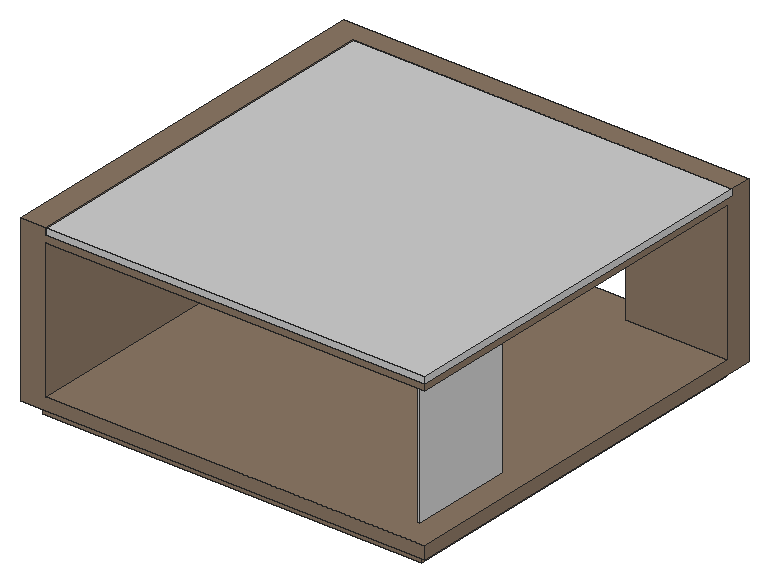
Revit family
Parameters
  URL = "http://www.martinbrattrud.com"
  Table Top [instance] = none
  SCS Certified Product = "Yes"
  Model = "Links 292-48"
  Manufacturer = "Martin Brattrud, Inc."
  Leg [instance] = none
  Keynote = "125000"
  Foot [instance] = none
  Copyright = "© 2013 Martin Brattrud, Inc."
  Chair [instance] = none
  Authoring Version = "Revit Architecture 2010"
  Assembly Code = "E2020200"
Reference planes (in)
  plane 1 "Center Front/Back": y = 0
  plane 2: z = 0
  plane 3 "Center Left/Right": x = 0
  plane 4: z = 21
  plane 5: z = 19.5
  plane 6: z = 0
  plane 7: z = 1.75
  plane 8: z = 3.25
  plane 9: y = 0
  plane 10: x = -23.75
  plane 11: x = 23.75
  plane 12: y = 23.75
  plane 13: y = -23.75
  plane 14: y = 22.25
  plane 15: y = -22.25
  plane 16: x = 22.25
  plane 17: y = 21.37
  plane 18: y = -21.37
  plane 19: x = 21.37
  plane 20: y = -20.75
  plane 21: y = -8.75
  plane 22: x = -20.75
  plane 23: x = 11.75
Forms (in)
  Extrusion 1, solid
    sketch origin (-21.86807, -6.75002, 0.25) x (1, 0, 0) y (0, 1, 0)
      loop
        line (-0.38193, 29.00002) -> (-0.38193, -15.49998) -> (44.11807, -15.49998) -> (44.11807, 29.00002) -> (-0.38193, 29.00002)
    from 0 to 1.5
  Revolve 2, solid, material <- "Leg"
    sketch origin (-21.12, -21.12, 0) x (0, -1, 0) y (0, 0, -1)
      loop
        line (0, -0.25) -> (0.25, -0.25) -> (0.25, -0.125)
        arc (0.25, -0.125) -> (0.21339, -0.03661) -> (0.125, 0) r 0.125
        line (0.125, 0) -> (0, 0) -> (0, -0.25)
      axis (0, -0.25) -> (0, 0)
    angle from 0 to 360
  Revolve 3, solid, material <- "Leg"
    sketch origin (21.12, -21.12, 0) x (0, -1, 0) y (0, 0, 1)
      loop
        line (0, 0.25) -> (0, 0) -> (0.125, 0)
        arc (0.125, 0) -> (0.21339, 0.03661) -> (0.25, 0.125) r 0.125
        line (0.25, 0.125) -> (0.25, 0.25) -> (0, 0.25)
      axis (0, 0.25) -> (0, 0)
    angle from 0 to 360
  Extrusion 4, solid
    sketch origin (0, 0, 0) x (-1, 0, 0) y (0, 0, -1)
      loop
        line (-23.75, -1.75) -> (-23.75, -21) -> (23.75, -21) -> (23.75, -1.75) -> (-23.75, -1.75)
    from -23.75 to 23.75
  Revolve 5, solid, material <- "Leg"
    sketch origin (-21.12, 21.12, 0) x (0, 1, 0) y (0, 0, 1)
      loop
        line (0, 0.25) -> (0, 0) -> (0.125, 0)
        arc (0.125, 0) -> (0.21339, 0.03661) -> (0.25, 0.125) r 0.125
        line (0.25, 0.125) -> (0.25, 0.25) -> (0, 0.25)
      axis (0, 0.25) -> (0, 0)
    angle from 0 to 360
  Revolve 6, solid, material <- "Leg"
    sketch origin (21.12, 21.12, 0) x (0, 1, 0) y (0, 0, -1)
      loop
        line (0, -0.25) -> (0.25, -0.25) -> (0.25, -0.125)
        arc (0.25, -0.125) -> (0.21339, -0.03661) -> (0.125, 0) r 0.125
        line (0.125, 0) -> (0, 0) -> (0, -0.25)
      axis (0, -0.25) -> (0, 0)
    angle from 0 to 360
  Extrusion 7, void
    sketch origin (-19.01142, -12, 0) x (-1, 0, 0) y (0, 0, -1)
      loop
        line (1.73858, -19.5) -> (1.73858, -3.25) -> (-42.76142, -3.25) -> (-42.76142, -19.5) -> (1.73858, -19.5)
    from -35.75 to 11.75
  Extrusion 8, solid
    sketch origin (27.75, -20.75, 0) x (1, 0, 0) y (0, 0, -1)
      loop
        line (-7, -19.5) -> (-7, -3.25) -> (-7.25, -3.25) -> (-7.25, -19.5) -> (-7, -19.5)
    from 0 to 12
  Extrusion 9, solid
    sketch origin (4.75, 7.75, 0) x (1, 0, 0) y (0, 0, 1)
      loop
        line (19, 19.5) -> (7, 19.5) -> (7, 3.25) -> (19, 3.25) -> (19, 19.5)
    from -16 to -13
  Extrusion 10, void
    sketch origin (0, 0, 0) x (1, 0, 0) y (0, 0, 1)
      loop
        line (-20.75, 21) -> (-20.75, 20.25) -> (23.75, 20.25) -> (23.75, 21) -> (-20.75, 21)
    from -23.75 to 23.75
  Extrusion 11, solid
    sketch origin (0, 0, 0) x (1, 0, 0) y (0, 0, 1)
      loop
        line (-20.75, 21) -> (-20.75, 20.25) -> (23.75, 20.25) -> (23.75, 21) -> (-20.75, 21)
    from -21.37 to 23.75
  Extrusion 12, solid
    sketch origin (0, 0, 0) x (0, 1, 0) y (0, 0, 1)
      loop
        line (23.75, 21) -> (21.37, 21) -> (21.37, 20.25) -> (23.75, 20.25) -> (23.75, 21)
    from -20.75 to 23.75
Cuts and joins
  Extrusion 7, Extrusion 10 cuts Extrusion 4
  joined: Extrusion 4, Extrusion 9, Extrusion 12
